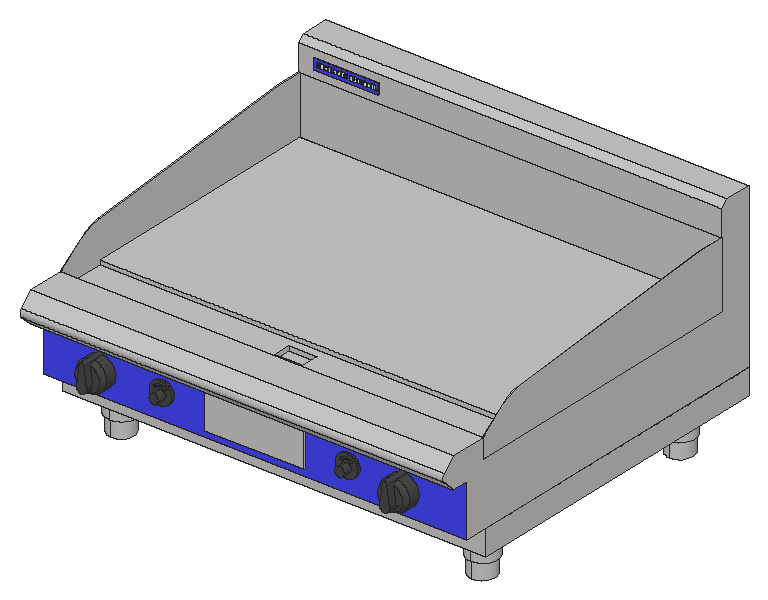
Revit family "QF_MOFFAT_BLUESEAL_CE_GP516-B", category Specialty Equipment, Revit 2012
Parameters
  Width [instance] = 900 mm  # constant formula
  Weight in Pounds = 346  # constant formula
  URL Cutsheet = "www.moffat.com"
  URL = "www.moffat.com"
  Type Mark [instance] = ""
  Status [instance] = ""
  Specification by User [instance] = ""
  Specification by Manufacturer = ""
  Show Logo [instance] = yes
  Serial Number = ""
  Seismic Rating = ""
  SMACNA No = ""
  Revision Code [instance] = ""
  Omniclass Number and Title = ""
  NAFEM Spec ID Number = ""
  Model = "GP516-B"
  Mechanical Remarks = ""
  Mechanical Connection Type = ""
  Masterspec = ""
  Manufacturer = "MOFFAT BLUESEAL"
  Item Number [instance] = ""
  Installed By [instance] = ""
  Identify Quantity as Lot [instance] = yes
  Height [instance] = 370 mm  # constant formula
  Gas Size = 3/4"
  Gas RI Height [instance] = 0 mm
  Gas KW = 23
  Gas Input = 78300.0 Btu/h
  Gas Connection Height = 0 mm
  Furnished By [instance] = ""
  Foodservice Equipment Identifier [instance] = yes
  Description = "900MM GAS GRIDDLE PLATE BENCH MOUNT"
  Depth [instance] = 812 mm  # constant formula
  CSI MasterFormat = ""
  CSI Master Format = ""
  Base Height [instance] = 85 mm
Reference planes
  plane 1 "BACK": y = 0
  plane 2: z = 0
  plane 3 "LEFT": x = 0
  plane 4 "RIGHT": x = 900
  plane 5 "FRONT": y = -812
  plane 6 "TOP": z = 375
  plane 7 "Center Y": x = 450
  plane 8 "Center X": y = -406
  plane 9 "Base Height": z = 85
  plane 10: z = 485
  plane 11: y = -100
  plane 12: y = -625
Forms (mm)
  Extrusion 1, solid, material "QF_Finishes_Stainless Steel"
    sketch origin (0, 0, 0) x (0, 1, 0) y (0, 0, 1)
      loop
        line (0, 140) -> (0, 485) -> (-57.5, 485) -> (-70, 472.5) -> (-70, 275) -> (-705, 275) -> (-705, 315) -> (-783.97, 315) -> (-808.485, 290.485)
        arc (-808.485, 290.485) -> (-811.999, 282) -> (-808.485, 273.515) r 12
        line (-808.485, 273.515) -> (-784.97, 250) -> (-749, 250) -> (-749, 140) -> (0, 140)
      loop
        line (0, 85) -> (0, 139) -> (-699, 139) -> (-699, 85) -> (0, 85)
    from 0 to 900
  Revolve 2, solid, material "QF_Finishes_Stainless Steel"
    sketch origin (65.5, -210, 0) x (0, 1, 0) y (0, 0, 1)
      loop
        line (78.25, 85) -> (78.25, 35) -> (82.5, 35) -> (82.5, 0) -> (110, 0) -> (110, 85) -> (78.25, 85)
      axis (110, 85) -> (110, 0)
    angle from 0 to 360
  Revolve 3, solid, material "QF_Finishes_Black"
    sketch origin (127.606, 7, -7.199) x (0, 1, 0) y (0, 0, -1)
      loop
        line (-789, -234.5) -> (-766, -234.5) -> (-766, -207) -> (-756, -207) -> (-756, -202) -> (-800, -202) -> (-800, -228.651) -> (-789, -234.5)
      axis (-800, -202) -> (-756, -202)
    angle from 0 to 360
  Extrusion 4, solid, material "QF_Finishes_Black"
    sketch origin (115.878, 0, -7.042) x (-1, 0, 0) y (0, 0, -1)
      loop
        line (-22.044, -191.036) -> (-16.624, -233.955)
        arc (-16.624, -233.955) -> (-11.625, -238.842) -> (-6.626, -233.955) r 5
        line (-6.626, -233.955) -> (-1.137, -189.869)
        arc (-1.137, -189.869) -> (-12.209, -179.37) -> (-22.044, -191.036) r 10.487
    from 759 to 808
  Revolve 5, solid, material "QF_Finishes_Stainless Steel"
    sketch origin (65.5, -728, 0) x (0, 1, 0) y (0, 0, 1)
      loop
        line (71.25, 85) -> (71.25, 35) -> (75.5, 35) -> (75.5, 0) -> (103, 0) -> (103, 85) -> (71.25, 85)
      axis (103, 85) -> (103, 0)
    angle from 0 to 360
  Extrusion 6, solid, material "QF_Finishes_Stainless Steel"
    sketch origin (0, -749, 266) x (0, 0, -1) y (1, 0, 0)
      loop
        line (25.201, 345) -> (112.1, 345) -> (112.1, 555) -> (25.201, 555) -> (25.201, 345)
    from 0 to 2.5
  Extrusion 7, solid, material "QF_Finishes_Stainless Steel"
    sketch origin (0, -751.5, 266) x (0, 0, -1) y (1, 0, 0)
      loop
        line (32.201, 555) -> (25.201, 555) -> (25.201, 345) -> (32.201, 345) -> (32.201, 555)
    from 0 to 5
  Extrusion 8, solid, material "QF_Finishes_Stainless Steel"
    sketch origin (0, -706, 134.206) x (0, 1, 0) y (-1, 0, 0)
      loop
        circle (673.862, -769.75) r 9.525
    from -49.206 to -64.206
  Revolve 9, solid, material "QF_Finishes_Black"
    sketch origin (772.616, 7, -7.2) x (0, 1, 0) y (0, 0, -1)
      loop
        line (-789, -234.5) -> (-766, -234.5) -> (-766, -207) -> (-756, -207) -> (-756, -202) -> (-800, -202) -> (-800, -228.651) -> (-789, -234.5)
      axis (-800, -202) -> (-756, -202)
    angle from 0 to 360
  Extrusion 10, solid, material "QF_Finishes_Black"
    sketch origin (760.889, 0, -7.042) x (-1, 0, 0) y (0, 0, -1)
      loop
        line (-22.044, -191.036) -> (-16.624, -233.955)
        arc (-16.624, -233.955) -> (-11.625, -238.842) -> (-6.626, -233.955) r 5
        line (-6.626, -233.955) -> (-1.137, -189.869)
        arc (-1.137, -189.869) -> (-12.209, -179.37) -> (-22.044, -191.036) r 10.487
    from 759 to 808
  Revolve 11, solid, material "QF_Finishes_Stainless Steel"
    sketch origin (834.5, -210, 0) x (0, 1, 0) y (0, 0, -1)
      loop
        line (78.25, -85) -> (110, -85) -> (110, 0) -> (82.5, 0) -> (82.5, -35) -> (78.25, -35) -> (78.25, -85)
      axis (110, -85) -> (110, 0)
    angle from 0 to 360
  Revolve 12, solid, material "QF_Finishes_Stainless Steel"
    sketch origin (834.5, -728, 0) x (0, 1, 0) y (0, 0, -1)
      loop
        line (71.25, -85) -> (103, -85) -> (103, 0) -> (75.5, 0) -> (75.5, -35) -> (71.25, -35) -> (71.25, -85)
      axis (103, -85) -> (103, 0)
    angle from 0 to 360
  Extrusion 13, solid, material "QF_Finishes_Black"
    sketch origin (17.5, -749, 264.021) x (0, 0, -1) y (1, 0, 0)
      loop
        circle (70, 235) r 24
      loop
        arc (60.1, 249.913) -> (52.064, 235.125) -> (59.882, 220.219) r 17.868
        arc (59.882, 220.219) -> (60.362, 219.934) -> (60.877, 220.149) r 0.621
        arc (60.877, 220.149) -> (62.314, 222.708) -> (62.658, 225.622) r 7.495
        arc (62.658, 225.622) -> (62.454, 226.55) -> (62.006, 227.388) r 3.472
        arc (62.006, 227.388) -> (59.714, 234.851) -> (61.844, 242.362) r 13.786
        arc (61.844, 242.362) -> (62.484, 243.632) -> (62.749, 245.028) r 5.101
        arc (62.749, 245.028) -> (62.378, 247.547) -> (61.084, 249.739) r 6.611
        arc (61.084, 249.739) -> (60.622, 249.997) -> (60.1, 249.913) r 0.806
    from 0 to 5
  Extrusion 14, solid, material "QF_Finishes_Black"
    sketch origin (17.5, -754, 264.021) x (0, 0, -1) y (1, 0, 0)
      loop
        circle (73.5, 235) r 10
    from 0 to 18.251
  Extrusion 15, solid, material "QF_Finishes_Black"
    sketch origin (413.125, -749, 264.021) x (0, 0, -1) y (1, 0, 0)
      loop
        circle (70, 235) r 24
      loop
        arc (60.1, 249.913) -> (52.064, 235.125) -> (59.882, 220.219) r 17.868
        arc (59.882, 220.219) -> (60.362, 219.934) -> (60.877, 220.149) r 0.621
        arc (60.877, 220.149) -> (62.314, 222.708) -> (62.658, 225.622) r 7.495
        arc (62.658, 225.622) -> (62.454, 226.55) -> (62.006, 227.388) r 3.472
        arc (62.006, 227.388) -> (59.714, 234.851) -> (61.844, 242.362) r 13.786
        arc (61.844, 242.362) -> (62.484, 243.632) -> (62.749, 245.028) r 5.101
        arc (62.749, 245.028) -> (62.378, 247.547) -> (61.084, 249.739) r 6.611
        arc (61.084, 249.739) -> (60.622, 249.997) -> (60.1, 249.913) r 0.806
    from 0 to 5
  Extrusion 16, solid, material "QF_Finishes_Black"
    sketch origin (413.125, -754, 264.021) x (0, 0, -1) y (1, 0, 0)
      loop
        circle (73.5, 235) r 10
    from 0 to 18.251
Cuts and joins
  joined: Revolve 3, Extrusion 4
  joined: Extrusion 6, Extrusion 7
Lines and regions (mm)
  Split face 1
    outline origin (495, -751.5, 153.9) x (1, 0, 0) y (0, 0, 1)
      loop
        arc (-52, 77) -> (-56, 73) -> (-52, 69) r 4
        line (-52, 69) -> (-38, 69)
        arc (-38, 69) -> (-34, 73) -> (-38, 77) r 4
        line (-38, 77) -> (-52, 77)
  Split face 2
    outline origin (0, 133.343, 485) x (0, -1, 0) y (1, 0, 0)
      loop
        arc (178.728, 276) -> (173.728, 284.66) -> (163.728, 284.66) r 10
        line (163.728, 284.66) -> (156.728, 280.619)
        arc (156.728, 280.619) -> (153.068, 276.959) -> (151.728, 271.959) r 10
        line (151.728, 271.959) -> (151.728, 44)
        arc (151.728, 44) -> (156.728, 35.34) -> (166.728, 35.34) r 10
        line (166.728, 35.34) -> (173.728, 39.381)
        arc (173.728, 39.381) -> (177.389, 43.041) -> (178.728, 48.041) r 10
        line (178.728, 48.041) -> (178.728, 276)
  Split face 3
    outline origin (0, 133.343, 485) x (0, -1, 0) y (1, 0, 0)
      loop
        arc (151.728, 336.021) -> (156.728, 327.36) -> (166.728, 327.36) r 10
        line (166.728, 327.36) -> (173.728, 331.402)
        arc (173.728, 331.402) -> (177.389, 335.062) -> (178.728, 340.062) r 10
        line (178.728, 340.062) -> (178.728, 568.021)
        arc (178.728, 568.021) -> (173.728, 576.681) -> (163.728, 576.681) r 10
        line (163.728, 576.681) -> (156.728, 572.64)
        arc (156.728, 572.64) -> (153.068, 568.979) -> (151.728, 563.979) r 10
        line (151.728, 563.979) -> (151.728, 336.021)
  Split face 4
    outline origin (0, 133.343, 485) x (0, -1, 0) y (1, 0, 0)
      loop
        arc (151.728, 634) -> (156.728, 625.34) -> (166.728, 625.34) r 10
        line (166.728, 625.34) -> (173.728, 629.381)
        arc (173.728, 629.381) -> (177.389, 633.041) -> (178.728, 638.041) r 10
        line (178.728, 638.041) -> (178.728, 866)
        arc (178.728, 866) -> (173.728, 874.66) -> (163.728, 874.66) r 10
        line (163.728, 874.66) -> (156.728, 870.619)
        arc (156.728, 870.619) -> (153.068, 866.959) -> (151.728, 861.959) r 10
        line (151.728, 861.959) -> (151.728, 634)
  symbolic lines
    curve 1: line (0, -812, 0) -> (900, -812, 0)
    curve 2: line (0, 0, 0) -> (0, -812, 0)
    curve 3: line (900, 0, 0) -> (0, 0, 0)
    curve 4: line (0, -70, 0) -> (900, -70, 0)
    curve 5: line (900, -712, 0) -> (0, -712, 0)
    curve 6: line (900, -812, 0) -> (900, 0, 0)
    curve 7: line (0, -57.5, 0) -> (900, -57.5, 0)
    curve 8: line (276, -45.385, 0) -> (48.041, -45.385, 0)
    curve 9: arc (48.041, -45.385, 0) -> (43.041, -44.045, 0) -> (39.381, -40.385, 0) r 10
    curve 10: line (39.381, -40.385, 0) -> (35.34, -33.385, 0)
    curve 11: arc (35.34, -33.385, 0) -> (35.34, -23.385, 0) -> (44, -18.385, 0) r 10
    curve 12: line (44, -18.385, 0) -> (271.959, -18.385, 0)
    curve 13: arc (271.959, -18.385, 0) -> (276.959, -19.725, 0) -> (280.619, -23.385, 0) r 10
    curve 14: line (280.619, -23.385, 0) -> (284.66, -30.385, 0)
    curve 15: arc (284.66, -30.385, 0) -> (284.66, -40.385, 0) -> (276, -45.385, 0) r 10
    curve 16: line (568.021, -45.385, 0) -> (340.062, -45.385, 0)
    curve 17: arc (340.062, -45.385, 0) -> (335.062, -44.045, 0) -> (331.402, -40.385, 0) r 10
    curve 18: line (331.402, -40.385, 0) -> (327.36, -33.385, 0)
    curve 19: arc (327.36, -33.385, 0) -> (327.36, -23.385, 0) -> (336.021, -18.385, 0) r 10
    curve 20: line (336.021, -18.385, 0) -> (563.979, -18.385, 0)
    curve 21: arc (563.979, -18.385, 0) -> (568.979, -19.725, 0) -> (572.64, -23.385, 0) r 10
    curve 22: line (572.64, -23.385, 0) -> (576.681, -30.385, 0)
    curve 23: arc (576.681, -30.385, 0) -> (576.681, -40.385, 0) -> (568.021, -45.385, 0) r 10
    curve 24: line (866, -45.385, 0) -> (638.041, -45.385, 0)
    curve 25: arc (638.041, -45.385, 0) -> (633.041, -44.045, 0) -> (629.381, -40.385, 0) r 10
    curve 26: line (629.381, -40.385, 0) -> (625.34, -33.385, 0)
    curve 27: arc (625.34, -33.385, 0) -> (625.34, -23.385, 0) -> (634, -18.385, 0) r 10
    curve 28: line (634, -18.385, 0) -> (861.959, -18.385, 0)
    curve 29: arc (861.959, -18.385, 0) -> (866.959, -19.725, 0) -> (870.619, -23.385, 0) r 10
    curve 30: line (870.619, -23.385, 0) -> (874.66, -30.385, 0)
    curve 31: arc (874.66, -30.385, 0) -> (874.66, -40.385, 0) -> (866, -45.385, 0) r 10
    curve 32: line (0, -783.97, 0) -> (900, -783.97, 0)
Dimensions and locks
  equal spacing: plane 3 "LEFT", plane 7 "Center Y", plane 4 "RIGHT"
  "Width": plane 3 "LEFT" to plane 4 "RIGHT"
  equal spacing: plane 5 "FRONT", plane 8 "Center X", plane 1 "BACK"
  "Depth": plane 5 "FRONT" to plane 1 "BACK"
  "Base Height": plane 9 "Base Height" to level
  locked: plane 6 "TOP" to plane 9 "Base Height" at 290
  plane 6 "TOP" to level = 375 mm
  plane 10 to plane 2 = 485 mm  (x2)
  Extrusion 8 sketch curve to plane 4 "RIGHT" = 130.25 mm
  aligned and locked: level to plane 2
  aligned and locked: Revolve 2 sketch curve to plane 9 "Base Height"
Automatic sketch dimensions
  curve 1 to plane 3 "LEFT" = 0 mm
  plane 1 "BACK" to curve 3 = 0 mm
  curve 3 to plane 4 "RIGHT" = 0 mm
  plane 5 "FRONT" to curve 1 = 0 mm
  plane 3 "LEFT" to curve 10 = 35.34 mm
  curve 10 to curve 10 = 4.041 mm
  curve 11 to curve 12 = 8.66 mm
  curve 9 to curve 8 = 8.66 mm
  plane 1 "BACK" to curve 13 = 18.385 mm
  curve 13 to plane 7 "Center Y" = 178.041 mm
  curve 13 to curve 15 = 4.041 mm
  plane 1 "BACK" to curve 14 = 23.385 mm
  curve 13 to curve 14 = 8.66 mm
  plane 1 "BACK" to curve 14 = 30.385 mm
  curve 13 to curve 14 = 4.041 mm
  curve 14 to curve 19 = 42.7 mm
  plane 1 "BACK" to curve 18 = 40.385 mm
  curve 18 to curve 18 = 4.041 mm
  curve 19 to curve 20 = 8.66 mm
  curve 19 to curve 17 = 4.041 mm
  plane 1 "BACK" to curve 21 = 18.385 mm
  plane 7 "Center Y" to curve 21 = 113.979 mm
  curve 21 to curve 23 = 4.041 mm
  plane 1 "BACK" to curve 22 = 23.385 mm
  curve 21 to curve 22 = 8.66 mm
  plane 1 "BACK" to curve 22 = 30.385 mm
  curve 22 to curve 22 = 4.041 mm
  plane 1 "BACK" to curve 26 = 33.385 mm
  curve 22 to curve 26 = 48.659 mm
  curve 27 to curve 25 = 4.041 mm  (x2)
  curve 27 to curve 27 = 8.66 mm
  plane 1 "BACK" to curve 29 = 18.385 mm
  plane 4 "RIGHT" to curve 29 = 38.041 mm
  curve 29 to curve 24 = 4.041 mm
  plane 1 "BACK" to curve 30 = 23.385 mm
  curve 28 to curve 30 = 8.66 mm
  curve 29 to curve 30 = 4.041 mm
  curve 32 to plane 5 "FRONT" = 28.03 mm
  curve 32 to curve 5 = 71.97 mm
  plane 11 to curve 4 = 30 mm
  curve 4 to curve 7 = 12.5 mm
  curve 16 to curve 23 = 15 mm
  curve 31 to curve 29 = 17 mm
  curve 8 to curve 15 = 15 mm
  curve 8 to curve 10 = 5 mm
  curve 25 to curve 27 = 7 mm
  curve 31 to curve 29 = 7 mm
  curve 10 to curve 10 = 7 mm
  curve 18 to curve 18 = 7 mm
  Extrusion 1 sketch curve to plane 9 "Base Height" = 0 mm
  Extrusion 1 sketch curve to plane 10 = 0 mm
  Extrusion 1 sketch curve to plane 1 "BACK" = 0 mm  (x2)
  plane 11 to Extrusion 1 sketch curve = 42.5 mm
  Extrusion 1 sketch curve to Extrusion 1 sketch curve = 12.5 mm
  Extrusion 1 sketch curve to plane 12 = 74 mm
  Extrusion 1 sketch curve to plane 12 = 80 mm
  Extrusion 1 sketch curve to Extrusion 1 sketch curve = 50 mm
  Extrusion 1 sketch curve to plane 5 "FRONT" = 28.03 mm
  Extrusion 1 sketch curve to plane 5 "FRONT" = 27.03 mm
  Extrusion 1 sketch curve to plane 5 "FRONT" = 12.001 mm
  Extrusion 1 sketch curve to plane 5 "FRONT" = 3.515 mm  (x2)
  plane 9 "Base Height" to Extrusion 1 sketch curve = 54 mm
  Extrusion 1 sketch curve to Extrusion 1 sketch curve = 1 mm
  Extrusion 1 sketch curve to Extrusion 1 sketch curve = 110 mm
  Extrusion 1 sketch curve to Extrusion 1 sketch curve = 23.515 mm
  Extrusion 1 sketch curve to plane 6 "TOP" = 100 mm
  Extrusion 1 sketch curve to Extrusion 1 sketch curve = 8.485 mm
  Extrusion 1 sketch curve to Extrusion 1 sketch curve = 40 mm
  Extrusion 1 sketch curve to plane 10 = 12.5 mm
  Revolve 2 sketch curve to level = 0 mm
  Revolve 2 sketch curve to plane 11 = 0 mm  (x2)
  Revolve 2 sketch curve to Revolve 2 sketch curve = 27.5 mm
  Revolve 2 sketch curve to Revolve 2 sketch curve = 31.75 mm
  Revolve 2 sketch curve to Revolve 2 sketch curve = 55 mm
  level to Revolve 2 sketch curve = 35 mm
  Revolve 2 sketch curve to plane 9 "Base Height" = 30 mm
  Revolve 3 sketch curve to plane 5 "FRONT" = 19 mm
  Revolve 3 sketch curve to Revolve 3 sketch curve = 0 mm  (x2)
  Revolve 3 sketch curve to Revolve 3 sketch curve = 11 mm
  Revolve 3 sketch curve to Revolve 3 sketch curve = 12.7 mm
  Revolve 3 sketch curve to Revolve 3 sketch curve = 23 mm
  Revolve 3 sketch curve to Revolve 3 sketch curve = 10 mm
  plane 9 "Base Height" to Revolve 3 sketch curve = 142.301 mm
  Revolve 3 sketch curve to Revolve 3 sketch curve = 5.849 mm
  Revolve 3 sketch curve to Revolve 3 sketch curve = 27.5 mm
  Revolve 3 sketch curve to Revolve 3 sketch curve = 5 mm
  plane 3 "LEFT" to Extrusion 4 sketch curve = 137.922 mm
  Extrusion 4 sketch curve to Extrusion 4 sketch curve = 5.421 mm
  Extrusion 4 sketch curve to Extrusion 4 sketch curve = 10.419 mm
  Extrusion 4 sketch curve to Extrusion 4 sketch curve = 4.999 mm  (x2)
  Extrusion 4 sketch curve to Extrusion 4 sketch curve = 10.487 mm
  plane 9 "Base Height" to Extrusion 4 sketch curve = 141.913 mm
  Extrusion 4 sketch curve to Extrusion 4 sketch curve = 0.113 mm
  Extrusion 4 sketch curve to Extrusion 4 sketch curve = 42.919 mm
  Extrusion 4 sketch curve to Extrusion 4 sketch curve = 1.167 mm
  Revolve 5 sketch curve to plane 9 "Base Height" = 0 mm
  Revolve 5 sketch curve to level = 0 mm
  Revolve 5 sketch curve to plane 12 = 0 mm  (x2)
  Revolve 5 sketch curve to Revolve 5 sketch curve = 27.5 mm
  Revolve 5 sketch curve to Revolve 5 sketch curve = 31.75 mm
  Revolve 5 sketch curve to Revolve 5 sketch curve = 55 mm
  level to Revolve 5 sketch curve = 35 mm
  Revolve 5 sketch curve to Revolve 5 sketch curve = 30 mm
  Extrusion 6 sketch curve to plane 6 "TOP" = 134.201 mm
  plane 9 "Base Height" to Extrusion 6 sketch curve = 68.9 mm
  Extrusion 6 sketch curve to plane 7 "Center Y" = 105 mm
  plane 7 "Center Y" to Extrusion 6 sketch curve = 105 mm
  Extrusion 7 sketch curve to Extrusion 6 = 0 mm  (x2)
  Extrusion 6 to Extrusion 7 sketch curve = 0 mm
  Extrusion 7 sketch curve to Extrusion 7 sketch curve = 7 mm
  plane 1 "BACK" to Extrusion 8 sketch curve = 32.138 mm
  cut or joined group of Extrusion 6, Extrusion 7 to Split face 1 sketch curve = 6.899 mm
  Split face 1 sketch curve to cut or joined group of Extrusion 6, Extrusion 7 = 98 mm
  Split face 1 sketch curve to Split face 1 sketch curve = 14 mm
  Split face 1 sketch curve to Split face 1 sketch curve = 4 mm
  Revolve 9 sketch curve to plane 5 "FRONT" = 19 mm
  Revolve 9 sketch curve to Revolve 9 sketch curve = 0 mm  (x2)
  Revolve 9 sketch curve to Revolve 9 sketch curve = 11 mm
  Revolve 9 sketch curve to Revolve 9 sketch curve = 12.7 mm
  Revolve 9 sketch curve to Revolve 9 sketch curve = 23 mm
  Revolve 9 sketch curve to Revolve 9 sketch curve = 10 mm
  plane 9 "Base Height" to Revolve 9 sketch curve = 142.3 mm
  Revolve 9 sketch curve to Revolve 9 sketch curve = 5.849 mm
  Revolve 9 sketch curve to Revolve 9 sketch curve = 27.5 mm
  Revolve 9 sketch curve to Revolve 9 sketch curve = 5 mm
  plane 4 "RIGHT" to Extrusion 10 sketch curve = 117.067 mm
  Extrusion 10 sketch curve to Extrusion 10 sketch curve = 5.421 mm
  Extrusion 10 sketch curve to Extrusion 10 sketch curve = 10.419 mm
  Extrusion 10 sketch curve to Extrusion 10 sketch curve = 4.999 mm  (x2)
  Extrusion 10 sketch curve to Extrusion 10 sketch curve = 10.487 mm
  plane 9 "Base Height" to Extrusion 10 sketch curve = 141.913 mm
  Extrusion 10 sketch curve to Extrusion 10 sketch curve = 0.113 mm
  Extrusion 10 sketch curve to Extrusion 10 sketch curve = 42.919 mm
  Extrusion 10 sketch curve to Extrusion 10 sketch curve = 1.167 mm
  Revolve 11 sketch curve to plane 9 "Base Height" = 0 mm
  Revolve 11 sketch curve to level = 0 mm
  Revolve 11 sketch curve to plane 11 = 0 mm  (x2)
  Revolve 11 sketch curve to Revolve 11 sketch curve = 27.5 mm
  Revolve 11 sketch curve to Revolve 11 sketch curve = 31.75 mm
  Revolve 11 sketch curve to plane 9 "Base Height" = 30 mm
  Revolve 11 sketch curve to Revolve 11 sketch curve = 20 mm
  Revolve 11 sketch curve to level = 55 mm
  Revolve 12 sketch curve to plane 9 "Base Height" = 0 mm
  Revolve 12 sketch curve to level = 0 mm
  Revolve 12 sketch curve to plane 12 = 0 mm  (x2)
  Revolve 12 sketch curve to Revolve 12 sketch curve = 27.5 mm
  Revolve 12 sketch curve to Revolve 12 sketch curve = 31.75 mm
  Revolve 12 sketch curve to Revolve 12 sketch curve = 30 mm
  Revolve 12 sketch curve to Revolve 12 sketch curve = 20 mm
  Revolve 12 sketch curve to level = 55 mm
  plane 9 "Base Height" to Extrusion 13 sketch curve = 123.834 mm
  Extrusion 13 sketch curve to Extrusion 13 sketch curve = 0.958 mm
  Extrusion 13 sketch curve to Extrusion 13 sketch curve = 1.509 mm
  Extrusion 13 sketch curve to Extrusion 13 sketch curve = 4.01 mm
  Extrusion 13 sketch curve to Extrusion 13 sketch curve = 0.685 mm
  Extrusion 13 sketch curve to Extrusion 13 sketch curve = 2.447 mm
  Extrusion 13 sketch curve to Extrusion 13 sketch curve = 0.524 mm
  Extrusion 13 sketch curve to Extrusion 13 sketch curve = 0.381 mm
  Extrusion 13 sketch curve to Extrusion 13 sketch curve = 0.472 mm
  Extrusion 13 sketch curve to Extrusion 13 sketch curve = 0 mm  (x5)
  Extrusion 13 sketch curve to Extrusion 13 sketch curve = 0.602 mm
  Extrusion 13 sketch curve to Extrusion 13 sketch curve = 4.19 mm
  Extrusion 13 sketch curve to Extrusion 13 sketch curve = 2.809 mm
  Extrusion 13 sketch curve to Extrusion 13 sketch curve = 0.652 mm
  Extrusion 13 sketch curve to Extrusion 13 sketch curve = 0.905 mm
  Extrusion 13 sketch curve to Extrusion 13 sketch curve = 8.087 mm
  Extrusion 13 sketch curve to Extrusion 13 sketch curve = 0.069 mm
  Extrusion 13 sketch curve to Extrusion 13 sketch curve = 3.5 mm
  Extrusion 13 sketch curve to plane 7 "Center Y" = 212.351 mm
  Extrusion 13 sketch curve to Extrusion 13 sketch curve = 0.07 mm
  Extrusion 13 sketch curve to Extrusion 13 sketch curve = 7.606 mm
  Extrusion 13 sketch curve to Extrusion 13 sketch curve = 0.007 mm
  plane 9 "Base Height" to Extrusion 15 sketch curve = 123.834 mm
  Extrusion 15 sketch curve to Extrusion 15 sketch curve = 0.958 mm
  Extrusion 15 sketch curve to Extrusion 15 sketch curve = 1.509 mm
  Extrusion 15 sketch curve to Extrusion 15 sketch curve = 4.01 mm
  Extrusion 15 sketch curve to Extrusion 15 sketch curve = 0.685 mm
  Extrusion 15 sketch curve to Extrusion 15 sketch curve = 2.447 mm
  Extrusion 15 sketch curve to Extrusion 15 sketch curve = 0.524 mm
  Extrusion 15 sketch curve to Extrusion 15 sketch curve = 0.381 mm
  Extrusion 15 sketch curve to Extrusion 15 sketch curve = 0.472 mm
  Extrusion 15 sketch curve to Extrusion 15 sketch curve = 0 mm  (x5)
  Extrusion 15 sketch curve to Extrusion 15 sketch curve = 0.602 mm
  Extrusion 15 sketch curve to Extrusion 15 sketch curve = 4.19 mm
  Extrusion 15 sketch curve to Extrusion 15 sketch curve = 2.809 mm
  Extrusion 15 sketch curve to Extrusion 15 sketch curve = 0.652 mm
  Extrusion 15 sketch curve to Extrusion 15 sketch curve = 0.905 mm
  Extrusion 15 sketch curve to Extrusion 15 sketch curve = 8.087 mm
  Extrusion 15 sketch curve to Extrusion 15 sketch curve = 0.069 mm
  Extrusion 15 sketch curve to Extrusion 15 sketch curve = 3.5 mm
  plane 7 "Center Y" to Extrusion 15 sketch curve = 183.274 mm
  Extrusion 15 sketch curve to Extrusion 15 sketch curve = 0.07 mm
  Extrusion 15 sketch curve to Extrusion 15 sketch curve = 7.606 mm
  Extrusion 15 sketch curve to Extrusion 15 sketch curve = 0.007 mm
  Split face 2 sketch curve to Extrusion 1 = 18.385 mm
  Split face 2 sketch curve to Split face 2 sketch curve = 5 mm  (x3)
  Split face 2 sketch curve to Split face 2 sketch curve = 10 mm  (x2)
  Split face 2 sketch curve to Split face 2 sketch curve = 7 mm  (x4)
  Split face 2 sketch curve to Extrusion 1 = 35.34 mm
  Split face 2 sketch curve to Split face 2 sketch curve = 4.041 mm  (x2)
  Split face 2 sketch curve to Split face 2 sketch curve = 223.917 mm
  Split face 3 sketch curve to Extrusion 1 = 18.385 mm
  Split face 3 sketch curve to Split face 3 sketch curve = 5 mm  (x3)
  Split face 3 sketch curve to Split face 3 sketch curve = 10 mm  (x2)
  Split face 3 sketch curve to Split face 3 sketch curve = 7 mm  (x4)
  Split face 3 sketch curve to Extrusion 1 = 327.36 mm
  Split face 3 sketch curve to Split face 3 sketch curve = 4.041 mm  (x2)
  Split face 3 sketch curve to Split face 3 sketch curve = 223.917 mm
  Split face 4 sketch curve to Extrusion 1 = 18.385 mm
  Split face 4 sketch curve to Split face 4 sketch curve = 5 mm  (x3)
  Split face 4 sketch curve to Split face 4 sketch curve = 10 mm  (x2)
  Split face 4 sketch curve to Split face 4 sketch curve = 7 mm  (x4)
  Split face 4 sketch curve to Extrusion 1 = 274.66 mm
  Split face 4 sketch curve to Split face 4 sketch curve = 4.041 mm  (x2)
  Split face 4 sketch curve to Extrusion 1 = 38.041 mm
  radius of Extrusion 8 sketch curve = 9.525 mm
  radius of Extrusion 13 sketch curve = 24 mm
  radius of Extrusion 14 sketch curve to Extrusion 13 = 3.786 mm
  radius of Extrusion 15 sketch curve = 24 mm
  radius of Extrusion 16 sketch curve to Extrusion 15 = 3.786 mm
Nested families
  nested 1: "WALDORF LOGO_FACE BASE" at (32, -70, 456.885) x (1, 0, 0) z (0, -1, 0), visible <- "Show Logo", type "WALDORF LOGO_FACE BASE", detail levels medium+fine
    with Show Logo yes
  nested 2: "GAS GRIDDLE 900" at (0, -70, 274.5), type "GAS GRIDDLE 900"
    with Width 900 mm, Type Mark "", Status "", Specification by User "", Show Clearance yes, Revision Code "", Number of Poles 1, Mechanical Remarks "", Mechanical Connection Type "", Item Number "", Installed By "", Identify Quantity as Lot yes, Gas RI Height 0 mm, Gas KW 0, Gas Input 0.0 Btu/h, Furnished By "", Foodservice Equipment Identifier yes, Electrical Remarks "", Electric Connection Type "", Elec Conn RI Height 0 mm, Elec Conn Connection Height 0 mm, Depth 635 mm
Connectors
  piping at (769.75, -32.138, 70)
    settings: on Extrusion 8, index 1, connector radius 0.37402", flow factor 0, pipe flow 0 GPM, pressure drop 0.00 psi, fitting loss kfactor 0, connector angle 0.00°, fixture units 0, engagement length 0 mm, flow configuration 0, flow direction 1, fitting loss method 0, system type 7, joint type 0, gender type 0, connector reference index -1, connector utility 0, adjustable connector no, is connector primary yes, fitting loss table "", connector description "GAS CONNECTION"
Definition of nested family "WALDORF LOGO_FACE BASE"
  Parameters (values of type "WALDORF LOGO_FACE BASE")
    Show Logo [instance] = yes
    Default Elevation = 1219.2 mm
  Reference planes
    plane 1 "Center (Front/Back)": y = 0
    plane 2: z = 0
    plane 3 "Center (Left/Right)": x = 0
  Forms (mm)
    Extrusion 1, solid
      sketch origin (0, 0, 0) x (1, 0, 0) y (0, 1, 0)
        loop
          line (-1219.2, 1219.2) -> (-1219.2, -1219.2) -> (1219.2, -1219.2) -> (1219.2, 1219.2) -> (-1219.2, 1219.2)
      from 0 to -304.8
    Extrusion 2, solid, material "QF_Finishes_Blue", visible <- "Show Logo"
      sketch origin (0, -33.217, 0) x (1, 0, 0) y (0, 1, 0)
        loop
          arc (138, 31.942) -> (137.626, 32.844) -> (136.724, 33.217) r 1.276
          line (136.724, 33.217) -> (1.29, 33.217)
          arc (1.29, 33.217) -> (0.378, 32.839) -> (0, 31.927) r 1.29
          line (0, 31.927) -> (0, 11.507)
          arc (0, 11.507) -> (0.378, 10.595) -> (1.29, 10.217) r 1.29
          line (1.29, 10.217) -> (136.71, 10.217)
          arc (136.71, 10.217) -> (137.622, 10.595) -> (138, 11.507) r 1.29
          line (138, 11.507) -> (138, 31.942)
      from 0 to 1.588
    Extrusion 3, solid, material "QF_Finishes_White", visible <- "Show Logo"
      sketch origin (0, -33.217, 1.588) x (1, 0, 0) y (0, 1, 0)
        loop
          arc (108.946, 25.919) -> (107.613, 25.367) -> (107.061, 24.034) r 1.885
          line (107.061, 24.034) -> (107.061, 17.211) -> (112.704, 17.211) -> (112.704, 19.129) -> (115.546, 19.129) -> (115.546, 17.211) -> (121.584, 17.211) -> (121.584, 24.075)
          arc (121.584, 24.075) -> (121.043, 25.379) -> (119.739, 25.919) r 1.845
          line (119.739, 25.919) -> (108.946, 25.919)
        loop
          line (123.478, 25.919) -> (123.478, 17.163) -> (134.904, 17.163) -> (134.904, 19.129) -> (129.246, 19.129) -> (129.246, 25.919) -> (123.478, 25.919)
        loop
          line (112.704, 21.258) -> (115.546, 21.258) -> (115.546, 22.702)
          arc (115.546, 22.702) -> (115.344, 23.188) -> (114.858, 23.389) r 0.687
          line (114.858, 23.389) -> (113.363, 23.389)
          arc (113.363, 23.389) -> (112.897, 23.196) -> (112.704, 22.73) r 0.658
          line (112.704, 22.73) -> (112.704, 21.258)
        loop
          line (105.071, 25.919) -> (93.771, 25.919) -> (93.771, 17.163) -> (105.071, 17.163) -> (105.071, 19.063) -> (99.535, 19.063) -> (99.535, 20.437) -> (105.071, 20.437) -> (105.071, 22.278) -> (99.535, 22.278) -> (99.535, 23.587) -> (105.071, 23.587) -> (105.071, 25.919)
        loop
          line (91.104, 25.919) -> (79.541, 25.919)
          arc (79.541, 25.919) -> (78.558, 25.513) -> (78.152, 24.53) r 1.389
          line (78.152, 24.53) -> (78.152, 22.08)
          arc (78.152, 22.08) -> (78.558, 21.098) -> (79.541, 20.691) r 1.389
          line (79.541, 20.691) -> (86.346, 20.691) -> (86.346, 18.864) -> (83.266, 18.864) -> (83.266, 19.664) -> (78.152, 19.664) -> (78.152, 18.553)
          arc (78.152, 18.553) -> (78.558, 17.57) -> (79.541, 17.163) r 1.389
          line (79.541, 17.163) -> (91.063, 17.163)
          arc (91.063, 17.163) -> (92.045, 17.57) -> (92.452, 18.553) r 1.389
          line (92.452, 18.553) -> (92.452, 20.691)
          arc (92.452, 20.691) -> (92.045, 21.673) -> (91.063, 22.08) r 1.389
          line (91.063, 22.08) -> (83.266, 22.08) -> (83.266, 23.984) -> (86.346, 23.984) -> (86.346, 22.743) -> (92.452, 22.743) -> (92.452, 24.571)
          arc (92.452, 24.571) -> (92.057, 25.524) -> (91.104, 25.919) r 1.348
        loop
          line (70.705, 25.919) -> (59.405, 25.919) -> (59.405, 17.163) -> (70.705, 17.163) -> (70.705, 19.063) -> (65.169, 19.063) -> (65.169, 20.437) -> (70.705, 20.437) -> (70.705, 22.278) -> (65.169, 22.278) -> (65.169, 23.587) -> (70.705, 23.587) -> (70.705, 25.919)
        loop
          line (57.598, 25.919) -> (51.7, 25.919) -> (51.7, 20.18)
          arc (51.7, 20.18) -> (50.63, 19.11) -> (49.56, 20.18) r 1.07
          line (49.56, 20.18) -> (49.56, 25.919) -> (43.663, 25.919) -> (43.663, 19.049)
          arc (43.663, 19.049) -> (44.215, 17.716) -> (45.548, 17.163) r 1.885
          line (45.548, 17.163) -> (55.71, 17.163)
          arc (55.71, 17.163) -> (57.045, 17.716) -> (57.598, 19.051) r 1.887
          line (57.598, 19.051) -> (57.598, 25.919)
        loop
          line (31.62, 25.919) -> (31.62, 17.163) -> (43.046, 17.163) -> (43.046, 19.129) -> (37.388, 19.129) -> (37.388, 25.919) -> (31.62, 25.919)
        loop
          line (15.969, 25.919) -> (15.969, 17.163) -> (28.693, 17.163)
          arc (28.693, 17.163) -> (29.812, 17.627) -> (30.276, 18.746) r 1.582
          line (30.276, 18.746) -> (30.276, 20.447) -> (29.48, 21.243) -> (30.276, 22.039) -> (30.276, 24.332)
          arc (30.276, 24.332) -> (29.811, 25.454) -> (28.688, 25.919) r 1.587
          line (28.688, 25.919) -> (15.969, 25.919)
        loop
          line (21.449, 24.159) -> (21.449, 22.436) -> (23.862, 22.436)
          arc (23.862, 22.436) -> (24.723, 23.298) -> (23.862, 24.159) r 0.861
          line (23.862, 24.159) -> (21.449, 24.159)
        loop
          line (21.449, 20.244) -> (21.449, 18.522) -> (23.862, 18.522)
          arc (23.862, 18.522) -> (24.723, 19.383) -> (23.862, 20.244) r 0.861
          line (23.862, 20.244) -> (21.449, 20.244)
      from 0 to 0.2
    Extrusion 4, solid, material "QF_Finishes_Blue", visible <- "Show Logo"
      sketch origin (-126.498, -31.09, 1.588) x (1, 0, 0) y (0, 1, 0)
        loop
          line (136.738, 23.522) -> (136.738, 15.1)
          arc (136.738, 15.1) -> (140.756, 19.311) -> (136.738, 23.522) r 4.216
      from 0 to 0.2
    Extrusion 5, solid, material "QF_Finishes_Red", visible <- "Show Logo"
      sketch origin (146.849, -31.09, 1.588) x (-1, 0, 0) y (0, -1, 0)
        loop
          arc (136.738, -23.522) -> (140.756, -19.311) -> (136.738, -15.1) r 4.216
          line (136.738, -15.1) -> (136.738, -23.522)
      from 0 to 0.2
  Lines and regions (mm)
    Split face 1
      outline origin (-90.35, -30.793, 1.588) x (1, 0, 0) y (0, 1, 0)
        loop
          circle (100.54, 19.013) r 4.536
  Dimensions and locks
    aligned and locked: plane 2 to Extrusion 1
    aligned and locked: level to Extrusion 1
Definition of nested family "GAS GRIDDLE 900"
  Parameters (values of type "GAS GRIDDLE 900")
    Width [instance] = 900 mm
    Weight in Pounds = 0
    Watts = 0 W
    Volts = 0 V
    URL Cutsheet = ""
    Type Mark [instance] = ""
    Status [instance] = ""
    Specification by User [instance] = ""
    Specification by Manufacturer = ""
    Show Clearance [instance] = yes
    Serial Number = ""
    Seismic Rating = ""
    SMACNA No = ""
    Revision Code [instance] = ""
    Phase = 1
    Omniclass Number and Title = ""
    Number of Poles [instance] = 1
    NAFEM Spec ID Number = ""
    Min Ckt Ampacity = 0 A
    Mechanical Remarks [instance] = ""
    Mechanical Connection Type [instance] = ""
    Max Overcurrent Protection = 0 A
    Masterspec = ""
    Item Number [instance] = ""
    Installed By [instance] = ""
    Identify Quantity as Lot [instance] = yes
    HP = ""
    Gas Size = 0"
    Gas RI Height [instance] = 0 mm
    Gas KW [instance] = 0
    Gas Input [instance] = 0.0 Btu/h
    Gas Connection Height = 0 mm
    Furnished By [instance] = ""
    Foodservice Equipment Identifier [instance] = yes
    FL Amps = 0 A
    Electrical Remarks [instance] = ""
    Electric Connection Type [instance] = ""
    Elec Conn RI Height [instance] = 0 mm
    Elec Conn Connection Height [instance] = 0 mm
    Depth [instance] = 635 mm
    Cycle = 0 Hz
    Conn Plug = ""
    Conn Conduit = yes
    CSI MasterFormat = ""
    CSI Master Format = ""
    Apparent Power = if(Phase = 3, Volts * FL Amps * 1.73, Volts * FL Amps)  # 0 VA
  Reference planes
    plane 1 "BACK": y = 0
    plane 2: z = 0
    plane 3 "LEFT": x = 0
    plane 4 "RIGHT": x = 900
    plane 5 "FRONT": y = -635
    plane 6 "TOP": z = 142.5
    plane 7 "Center Y": x = 450
    plane 8 "Center X": y = -317.5
    plane 9: y = -530.997
    plane 10: y = -541.497
    plane 11: y = -503.25
    plane 12: y = -557.737
  Forms (mm)
    Extrusion 1, solid, material "QF_Finishes_Stainless Steel"
      sketch origin (0, 70.003, -874.5) x (0, 1, 0) y (0, 0, 1)
        loop
          line (-70, 875) -> (-70, 1017) -> (-127.048, 1017) -> (-604.533, 971.023)
          arc (-604.533, 971.023) -> (-629.56, 965.303) -> (-652.306, 953.399) r 100
          line (-652.306, 953.399) -> (-705.003, 916.5) -> (-705.003, 875) -> (-70, 875)
      from 0 to 1.8
    Extrusion 2, solid, material "QF_Finishes_Stainless Steel"
      sketch origin (600, 70.003, -874.5) x (0, -1, 0) y (0, 0, 1)
        loop
          line (70, 875) -> (705.003, 875) -> (705.003, 916.5) -> (652.306, 953.399)
          arc (652.306, 953.399) -> (629.56, 965.303) -> (604.533, 971.023) r 100
          line (604.533, 971.023) -> (127.048, 1017) -> (70, 1017) -> (70, 875)
      from -300 to -298.8
    Extrusion 3, solid, material "QF_Finishes_Stainless Steel"
      sketch origin (150, 70.003, -874.5) x (0, 1, 0) y (0, 0, 1)
        loop
          line (-70.003, 894) -> (-602.103, 894) -> (-602.103, 884.5) -> (-683.795, 884.5) -> (-683.795, 895) -> (-705.003, 895) -> (-705.003, 875) -> (-70.003, 875) -> (-70.003, 894)
      from -148.2 to 748.8
    Extrusion 4, void
      sketch origin (150, -561.497, 10) x (0, -1, 0) y (1, 0, 0)
        loop
          line (-9.205, 270) -> (29.295, 270) -> (29.295, 330) -> (-9.205, 330) -> (-9.205, 270)
      from -41.4 to 40.142
    Extrusion 5, solid, material "QF_Finishes_Stainless Steel"
      sketch origin (0, 0, 0) x (1, 0, 0) y (0, 1, 0)
        loop
          line (1.8, 0) -> (1.8, -1.2) -> (898.8, -1.2) -> (898.8, 0) -> (1.8, 0)
      from 19.5 to 142.5
  Cuts and joins
    Extrusion 4 cuts Extrusion 3
    joined: Extrusion 1, Extrusion 2, Extrusion 3
  Lines and regions (mm)
    symbolic lines
      curve 1: line (900, -532.1, 0) -> (0, -532.1, 0)
      curve 2: line (0, -613.792, 0) -> (900, -613.792, 0)
      curve 3: line (0, 0, 0) -> (900, 0, 0)
      curve 4: line (900, 0, 0) -> (900, -635, 0)
      curve 5: line (0, -635, 0) -> (0, 0, 0)
      curve 6: line (0, -635, 0) -> (900, -635, 0)
      curve 7: line (420, -552.292, 0) -> (480, -552.292, 0)
      curve 8: line (420, -590.792, 0) -> (420, -552.292, 0)
      curve 9: line (480, -590.792, 0) -> (420, -590.792, 0)
      curve 10: line (480, -552.292, 0) -> (480, -590.792, 0)
  Dimensions and locks
    equal spacing: plane 3 "LEFT", plane 7 "Center Y", plane 4 "RIGHT"
    "Width": plane 3 "LEFT" to plane 4 "RIGHT"
    equal spacing: plane 5 "FRONT", plane 8 "Center X", plane 1 "BACK"
    "Depth": plane 5 "FRONT" to plane 1 "BACK"
    locked: Extrusion 2 to Extrusion 2 at 1.2
    aligned and locked: level to plane 2
    aligned and locked: Extrusion 2 to plane 4 "RIGHT"
    aligned and locked: cut or joined group of Extrusion 1, Extrusion 2, Extrusion 3, Extrusion 4 to cut or joined group of Extrusion 1, Extrusion 2, Extrusion 3, Extrusion 4
  Automatic sketch dimensions
    Extrusion 1 sketch curve to plane 5 "FRONT" = 0 mm
    Extrusion 1 sketch curve to plane 6 "TOP" = 0 mm
    plane 12 to Extrusion 1 sketch curve = 24.566 mm
    Extrusion 1 sketch curve to plane 12 = 23.207 mm
    Extrusion 1 sketch curve to level = 3.016 mm
    plane 11 to Extrusion 1 sketch curve = 21.695 mm
    plane 1 "BACK" to Extrusion 1 sketch curve = 57.045 mm
    Extrusion 1 sketch curve to plane 1 "BACK" = 0.003 mm
    level to Extrusion 1 sketch curve = 0.5 mm
    Extrusion 1 sketch curve to Extrusion 1 sketch curve = 41.5 mm
    Extrusion 1 sketch curve to plane 6 "TOP" = 63.601 mm
    Extrusion 2 sketch curve to plane 6 "TOP" = 0 mm
    Extrusion 2 sketch curve to plane 5 "FRONT" = 0 mm
    plane 12 to Extrusion 2 sketch curve = 24.566 mm
    Extrusion 2 sketch curve to plane 12 = 23.207 mm
    Extrusion 2 sketch curve to level = 3.016 mm
    plane 11 to Extrusion 2 sketch curve = 21.695 mm
    plane 1 "BACK" to Extrusion 2 sketch curve = 57.045 mm
    Extrusion 2 sketch curve to plane 1 "BACK" = 0.003 mm
    level to Extrusion 2 sketch curve = 0.5 mm
    Extrusion 2 sketch curve to Extrusion 2 sketch curve = 41.5 mm
    Extrusion 2 sketch curve to plane 6 "TOP" = 63.601 mm
    Extrusion 3 sketch curve to plane 5 "FRONT" = 0 mm
    Extrusion 3 sketch curve to plane 1 "BACK" = 0 mm
    level to Extrusion 3 sketch curve = 10 mm
    Extrusion 3 sketch curve to plane 5 "FRONT" = 21.208 mm
    plane 9 to Extrusion 3 sketch curve = 1.103 mm
    level to Extrusion 3 sketch curve = 0.5 mm
    Extrusion 3 sketch curve to Extrusion 3 sketch curve = 10.5 mm
    Extrusion 3 sketch curve to Extrusion 3 sketch curve = 9.5 mm
    Extrusion 4 sketch curve to plane 12 = 5.445 mm
    plane 12 to Extrusion 4 sketch curve = 33.055 mm
    Extrusion 4 sketch curve to plane 7 "Center Y" = 30 mm
    Extrusion 4 sketch curve to Extrusion 4 sketch curve = 60 mm
    plane 1 "BACK" to Extrusion 5 sketch curve = 0 mm
    plane 3 "LEFT" to Extrusion 5 sketch curve = 1.8 mm
    plane 4 "RIGHT" to Extrusion 5 sketch curve = 1.2 mm
    Extrusion 5 sketch curve to Extrusion 5 sketch curve = 1.2 mm
    curve 6 to plane 3 "LEFT" = 0 mm
    curve 4 to plane 4 "RIGHT" = 0 mm
    plane 5 "FRONT" to curve 6 = 0 mm
    plane 1 "BACK" to curve 3 = 0 mm
    curve 8 to plane 12 = 5.445 mm
    curve 8 to plane 7 "Center Y" = 30 mm
    curve 7 to curve 10 = 60 mm
    curve 2 to plane 5 "FRONT" = 21.208 mm
    plane 12 to curve 9 = 33.055 mm
    curve 1 to plane 12 = 25.637 mm
